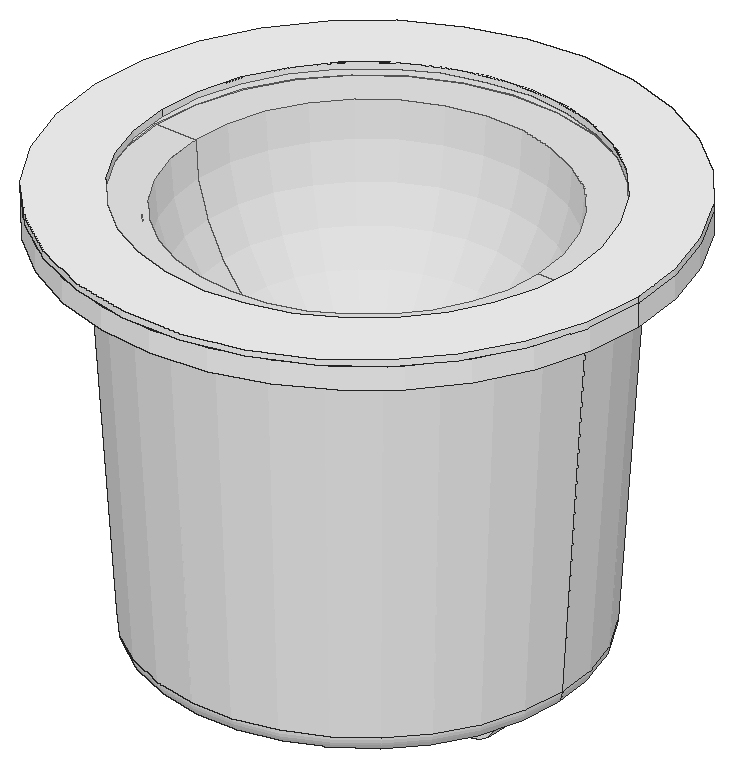
Revit family "2058907", category Lighting Fixtures, host Face, Revit 2018
Family settings
  Host = Face
  Round Connector Dimension = Use Diameter
  Part Type = Normal
  OmniClass Number = 23.80.70.11.17
  OmniClass Title = Specialized Lighting by Location or Use
  Cut with Voids When Loaded = No
  Light Source = Yes
  Shared = No
  Room Calculation Point = No
Parameters (values of type "2058907 MYRIAD DECO IP65 SP 2.7K DALI EM SI CBEZ")
  Weight = "n/a"
  Wattage = 15 W
  WarrantyStartDate [instance] = "n/a"
  WarrantyGuarantorParts = "n/a"
  WarrantyDurationUnit = "n/a"
  WarrantyDurationParts = ""
  WarrantyDescription = "http://www.sylvania-lighting.com"
  built-in parameter 1150110 = 1 (stored number, unit not read)
  Voltage = 230 V
  URL = "0"
  TypeName = "MYRIAD DECO IP65 SPOT 2700K DALI EM SILVER CBEZ"
  Type Image = 0
  Type Comments = ""
  built-in parameter 1114217 = 1 (stored number, unit not read)
  Tilt Angle = -90°
  built-in parameter 1150109 = 1 (stored number, unit not read)
  built-in parameter 1150134 = (empty or 0)
  built-in parameter 1150113 = 1 (stored number, unit not read)
  SerialNumber [instance] = "n/a"
  Reflector Radius = Cutout Diameter / 2 - 2.5 mm  # 35.0 mm
  Reflector Material = Aluminum_Sylvania_Myriad_Bright
  Recessed Depth = Height  # 72.0 mm
  PowerFactor = 0
  PowerConsumption = "Lighting"
  Photometric Web File = "2058907.ies"
  NominalWidth = 0.0 mm
  NominalLength = 76.0 mm
  NominalHeight = 72.0 mm
  Name = "MYRIAD DECO IP65 SPOT 2700K DALI EM SILVER CBEZ"
  ModelReference = "MYRIAD DECO IP65 SPOT 2700K DALI EM SILVER CBEZ"
  ModelNumber = "2058907"
  Material = "Feilo Sylvania"
  ManufacturerName = "103 lm/W"
  LuminousEfficacy = ""
  LuminaireType = "0"
  LightOutputRatio = "LED"
  LampsType = Lamp  # "n/a"
  LampNominalLuminous = "2700 K"
  LampMacAdamStep = "90"
  LampColourTemperature = "LED"
  LampColourRenderingIndex = "16500"
  Keynote = "n/a"
  Keynote_2 = "16500"
  InstallationDate [instance] = "n/a"
  InputVoltage = "0"
  InputNominalFrequency = "2700"
  IngressProtection = "IfcLightFixtureType"
  ImpactProtectionIndex = "IfcLightFixtureType"
  IfcExportType = "IfcLightFixtureType"
  IfcExportAs = "Class II"
  Height = 72.0 mm  # constant formula
  ExpectedLife = 50000
  Emit from Circle Diameter = Accessory Inner Diameter 2  # 68.0 mm
  Emit Shape Visible in Rendering = no
  ElectricShockClassification = "103"
  DurationUnit = "hours"
  DocumentationLiterature = "http://www.sylvania-lighting.com/product/en-int/products/2058907"
  DimmingControlOptions = "n/a"
  Diffuser Material = Glass_Sylvania_Myriad_Clear_4000K
  Diffuser Diameter = Cutout Diameter  # 75.0 mm
  Cutout Diameter = 75.0 mm  # constant formula
  CreatedOn = "03/02/2022"
  CreatedBy = "@sylvania-lighting.com"
  Cost = 0
  built-in parameter 1114216 [instance] = 1 (stored number, unit not read)
  Model = "MYRIAD DECO IP65 SPOT 2700K DALI EM SILVER CBEZ"
  Manufacturer = "Feilo Sylvania"  # constant formula
  built-in parameter 1150105 = 83.556 (stored number, unit not read)
  Lumens = 1050 lm
  built-in parameter 1150115 = 1 (stored number, unit not read)
  built-in parameter 1150137 = (empty or 0)
  built-in parameter 1150139 = (empty or 0)
  built-in parameter 1150112 = 1 (stored number, unit not read)
  built-in parameter 1150114 = 1 (stored number, unit not read)
  Lamp = "n/a"
  built-in parameter 1150132 = (empty or 0)
  built-in parameter 1150102 = (empty or 0)
  built-in parameter 1150107 = 2700 (stored number, unit not read)
  built-in parameter 1150138 = (empty or 0)
  built-in parameter 1150106 = 0.83556 (stored number, unit not read)
  built-in parameter 1150104 = 6.5032 (stored number, unit not read)
  Dimming Lamp Color Temperature Shift = <None>
  Description = "Supplied complete with electronic control gear Compact Fluorescent low energy downlight Emergency version passes through the cut out Ideal for low level orientation lighting New range of Architectural accessories each providing a different lit dimension New completely flush plaster up accessory ring for clean ceiling lines and smooth finish Order lamp separately"  # constant formula
  Default Elevation = 0.0 mm
  Color Filter = 16777215
  built-in parameter 1140040 [instance] = 1
  Body Radius = Reflector Radius + 1.5 mm  # 36.5 mm
  Body Material = Aluminum_Sylvania_Myriad_Gray
  BarCode [instance] = "n/a"
  built-in parameter 1114218 = 1 (stored number, unit not read)
  built-in parameter 1150133 = 10 (stored number, unit not read)
  AssetType = "Fixed"
  AssetIdentifier [instance] = "n/a"
  Assembly Code = "D5020200"
  Apparent Load = 12 VA
  Accessory Material = Aluminum_Sylvania_Myriad_White
  Accessory Inner Diameter 2 = Accessory Diameter - 22.0 mm  # 68.0 mm
  Accessory Inner Diameter 1 = Accessory Diameter - 2.0 mm  # 88.0 mm
  Accessory Diameter = Cutout Diameter + 15.0 mm  # 90.0 mm
Reference planes
  plane 1 "Center (Front/Back)": y = 0
  plane 2: z = 0
  plane 3 "Center (Left/Right)": x = 0
  plane 4: z = 2
  plane 5 "Fixture Bottom": z = 4.5
  plane 6: z = -28.5
  plane 7: z = -61.5
  plane 8 "Fixture Top": z = -67.5
  plane 9: z = 3.5
Forms (mm)
  Revolve 1, solid, material "Aluminum_Sylvania_Myriad_Bright" <- "Reflector Material", detail levels fine
    sketch origin (0, 0, 0) x (1, 0, 0) y (0, 0, 1)
      loop
        line (0, -27.515) -> (-6, -27.515)
        arc (-6, -27.515) -> (-22.333, -16.632) -> (-28.5, 2) r 30.135
        line (-28.5, 2) -> (-35, 2) -> (-35, 0) -> (-29.184, 0)
        arc (-29.184, 0) -> (-22.423, -18.18) -> (-6, -28.5) r 30.204
        line (-6, -28.5) -> (0, -28.5) -> (0, -27.515)
      axis (0, -28.5) -> (0, 2)
    angle from 0 to 360
  Revolve 2, solid, material "Aluminum_Sylvania_Myriad_Gray" <- "Body Material", detail levels fine
    sketch origin (0, 0, 0) x (1, 0, 0) y (0, 0, 1)
      loop
        line (-44, 2) -> (-44, 0) -> (-36.5, 0) -> (-32.42, -58.708)
        arc (-32.42, -58.708) -> (-31.474, -60.694) -> (-29.428, -61.5) r 3
        line (-29.428, -61.5) -> (0, -61.5) -> (0, -28.5) -> (-6, -28.5)
        arc (-6, -28.5) -> (-22.423, -18.18) -> (-29.184, 0) r 30.204
        line (-29.184, 0) -> (-35, 0) -> (-35, 2) -> (-44, 2)
      axis (0, 2) -> (0, -61.5)
    angle from 0 to 360
  Extrusion 3, solid, material "Aluminum_Sylvania_Myriad_Gray" <- "Body Material", detail levels fine
    sketch origin (0, 0, 0) x (1, 0, 0) y (0, 0, 1)
      loop
        line (-13.5, -67.5) -> (21, -67.5)
        arc (21, -67.5) -> (23.828, -66.328) -> (25, -63.5) r 4
        line (25, -63.5) -> (25, -61.5) -> (-17.5, -61.5) -> (-17.5, -63.5)
        arc (-17.5, -63.5) -> (-16.328, -66.328) -> (-13.5, -67.5) r 4
    from -4.5 to 4.5
  Extrusion 4, solid, material "Aluminum_Sylvania_Myriad_White" <- "Accessory Material", detail levels fine
    sketch origin (0, 0, 0) x (1, 0, 0) y (0, 1, 0)
      loop
        circle (0, 0) r 45
      loop
        circle (0, 0) r 44
    from 0 to 3.5
  Extrusion 5, solid, material "Aluminum_Sylvania_Myriad_White" <- "Accessory Material", detail levels fine
    sketch origin (0, 0, 0) x (1, 0, 0) y (0, 1, 0)
      loop
        circle (0, 0) r 45
      loop
        circle (0, 0) r 34
    from 3.5 to 4.5
  Extrusion 6, solid, material "Aluminum_Sylvania_Myriad_White" <- "Accessory Material", detail levels coarse+medium
    sketch origin (0, 0, 0) x (1, 0, 0) y (0, 1, 0)
      loop
        circle (0, 0) r 45
    from 0 to 4.5
  Revolve 7, solid, detail levels coarse+medium
    sketch origin (0, 0, 0) x (1, 0, 0) y (0, 0, 1)
      loop
        line (36.5, 0) -> (0, 0) -> (0, -61.5) -> (32.226, -61.5) -> (36.5, 0)
      axis (0, 0) -> (0, -61.5)
    angle from 0 to 360
  Extrusion 8, void
    sketch origin (0, 0, 0) x (1, 0, 0) y (0, 1, 0)
      loop
        circle (0, 0) r 37.5
    from -67.5 to 0
  Extrusion 9, solid, material "Glass_Sylvania_Myriad_Clear_4000K" <- "Diffuser Material", detail levels fine
    sketch origin (0, 0, 0) x (1, 0, 0) y (0, 1, 0)
      loop
        circle (0, 0) r 37.5
    from 2 to 3.5
Cuts and joins
  joined: Extrusion 4, Extrusion 5
Lines and regions (mm)
  Masking region 1
    outline origin (0, 0, 0) x (1, 0, 0) y (0, 1, 0)
      loop
        circle (0, 0) r 45
  symbolic lines
    curve 1: arc (-34, 0, 0) -> (0, 34, 0) -> (34, 0, 0) r 34
    curve 2: arc (34, 0, 0) -> (0, -34, 0) -> (-34, 0, 0) r 34
Dimensions and locks
  locked: plane 7 to plane 8 "Fixture Top" at 6
  "Body Radius": Revolve 7 sketch curve to plane 3 "Center (Left/Right)"
  locked: Revolve 7 sketch curve to Revolve 7 sketch curve at 4.274
  plane 5 "Fixture Bottom" to plane 9 to plane 4 to plane 2 to plane 6 = 1.0 mm locked, 1.5 mm locked, 2.0 mm locked, 28.5 mm locked
  "Reflector Radius": Revolve 1 sketch curve to plane 3 "Center (Left/Right)"
  Revolve 1 sketch curve to Revolve 1 sketch curve to Revolve 1 sketch curve to Revolve 1 sketch curve = 6.5 mm locked, 22.5 mm locked, 0.0 mm locked
  "Reflector Radius": plane 3 "Center (Left/Right)" to Revolve 2 sketch curve
  Revolve 2 sketch curve to Revolve 2 sketch curve to Revolve 2 sketch curve = 7.5 mm locked, 1.5 mm locked
  Revolve 2 sketch curve to Revolve 2 sketch curve to Revolve 2 sketch curve = 5.816 mm locked, 23.184 mm locked
  Revolve 2 sketch curve to Revolve 2 sketch curve to Revolve 2 sketch curve = 2.58 mm locked, 2.993 mm locked
  "Accessory Diameter": diameter of Extrusion 4 sketch curve
  "Accessory Inner Diameter 1": diameter of Extrusion 4 sketch curve
  "Accessory Diameter": diameter of Extrusion 5 sketch curve
  "Accessory Diameter": diameter of Extrusion 6 sketch curve
  "Cutout Diameter": diameter of Extrusion 8 sketch curve
  "Accessory Inner Diameter 2": diameter of Extrusion 5 sketch curve
  "Diffuser Diameter": diameter of Extrusion 9 sketch curve
  aligned and locked: plane 2 to host face
  aligned and locked: level to host face
  aligned and locked: plane 1 "Center (Front/Back)" to imposter light
  aligned and locked: plane 3 "Center (Left/Right)" to imposter light
  aligned and locked: Revolve 1 sketch curve to imposter light
  aligned and locked: Extrusion 3 sketch curve to plane 8 "Fixture Top"
  aligned and locked: plane 7 to Extrusion 3 sketch curve
  aligned and locked: Extrusion 4 to plane 2
  aligned and locked: plane 9 to Extrusion 4
  aligned and locked: Extrusion 5 to plane 9
  aligned and locked: plane 5 "Fixture Bottom" to Extrusion 5
  aligned and locked: Extrusion 6 to plane 2
  aligned and locked: plane 5 "Fixture Bottom" to Extrusion 6
  aligned and locked: Extrusion 8 to plane 8 "Fixture Top"
  aligned and locked: plane 2 to Extrusion 8
  aligned and locked: Masking region 1 sketch curve to Extrusion 6  (x2)
  aligned and locked: Extrusion 9 to plane 4
  aligned and locked: plane 9 to Extrusion 9
  aligned and locked: plane 4 to Revolve 2 sketch curve
  aligned and locked: Revolve 2 sketch curve to plane 2
  aligned and locked: curve 1 to cut or joined group of Extrusion 4, Extrusion 5
  aligned and locked: curve 2 to cut or joined group of Extrusion 4, Extrusion 5
  aligned and locked: imposter light to plane 5 "Fixture Bottom"
Automatic sketch dimensions
  host sketch curve to host sketch curve = 1305.563 mm
  host sketch curve to host sketch curve = 1283.632 mm
  Extrusion 3 sketch curve to plane 7 = 2.0 mm
  Extrusion 3 sketch curve to plane 3 "Center (Left/Right)" = 13.5 mm
  plane 3 "Center (Left/Right)" to Extrusion 3 sketch curve = 21.0 mm
  Extrusion 3 sketch curve to Extrusion 3 sketch curve = 4.0 mm
  Revolve 1 sketch curve to level = 0.0 mm
  Revolve 1 sketch curve to plane 3 "Center (Left/Right)" = 0.0 mm
  Revolve 1 sketch curve to plane 6 = 0.0 mm
  Revolve 1 sketch curve to plane 4 = 0.0 mm
  Revolve 1 sketch curve to Revolve 1 sketch curve = 0.684 mm
  level to Revolve 1 sketch curve = 0.88 mm
  Revolve 1 sketch curve to plane 4 = 0.363 mm
  Revolve 1 sketch curve to Revolve 1 sketch curve = 0.625 mm
  Revolve 1 sketch curve to plane 8 "Fixture Top" = 232.8 mm
  plane 5 "Fixture Bottom" to Revolve 1 sketch curve = 291.243 mm
  Revolve 2 sketch curve to plane 3 "Center (Left/Right)" = 0.0 mm  (x2)
  Revolve 2 sketch curve to plane 7 = 0.0 mm
  Revolve 2 sketch curve to plane 6 = 0.0 mm
  Revolve 2 sketch curve to level = 0.0 mm
  level to Revolve 2 sketch curve = 0.88 mm
  plane 7 to Revolve 2 sketch curve = 2.792 mm
  Revolve 2 sketch curve to plane 8 "Fixture Top" = 304.774 mm
  plane 5 "Fixture Bottom" to Revolve 2 sketch curve = 1137.105 mm
  Extrusion 4 sketch curve to Extrusion 4 sketch curve = 0.0 mm  (x2)
  plane 1 "Center (Front/Back)" to Extrusion 4 sketch curve = 0.0 mm
  Extrusion 4 sketch curve to plane 3 "Center (Left/Right)" = 0.0 mm
  Extrusion 5 sketch curve to Extrusion 5 sketch curve = 0.0 mm  (x2)
  plane 1 "Center (Front/Back)" to Extrusion 5 sketch curve = 0.0 mm
  Extrusion 5 sketch curve to plane 3 "Center (Left/Right)" = 0.0 mm
  plane 1 "Center (Front/Back)" to Extrusion 6 sketch curve = 0.0 mm
  Extrusion 6 sketch curve to plane 3 "Center (Left/Right)" = 0.0 mm
  Revolve 7 sketch curve to level = 0.0 mm
  Revolve 7 sketch curve to plane 3 "Center (Left/Right)" = 0.0 mm  (x2)
  Revolve 7 sketch curve to plane 7 = 0.0 mm
  Revolve 7 sketch curve to plane 8 "Fixture Top" = 304.774 mm
  plane 5 "Fixture Bottom" to Revolve 7 sketch curve = 43.226 mm
  plane 1 "Center (Front/Back)" to Extrusion 8 sketch curve = 0.0 mm
  Extrusion 8 sketch curve to plane 3 "Center (Left/Right)" = 0.0 mm
  plane 1 "Center (Front/Back)" to Extrusion 9 sketch curve = 0.0 mm
  Extrusion 9 sketch curve to plane 3 "Center (Left/Right)" = 0.0 mm
Connectors
  electrical at (-0.006, -0.019, -67.5), driven by "Apparent Load", driven by "Apparent Load"
    settings: on plane 8 "Fixture Top", index 1, voltage 230 V, apparent load 12 VA, apparent load phase1 12 VA, apparent load phase2 0 VA, apparent load phase3 0 VA, power factor 1, load classification "Lighting", number of poles 1, system type 30, power factor state 1, is connector primary yes, connector utility no, sub classification motor no, connector description ""
